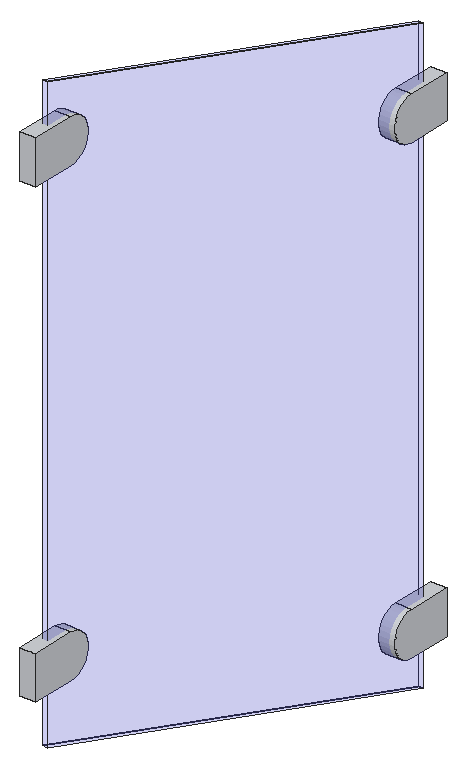
Revit family
Parameters (values of type "600mm w 25mm Gap")
  built-in parameter 1008623 [instance] = (empty or 0)
  Thickness [instance] = 6 mm
  built-in parameter 1008625 [instance] = 18.00°
  Post = no
  Panel Material = Glass
  Width [instance] = 600 mm
  Panel Gap = 25 mm
  Bracket Offset = 100 mm
  Bracket Material = none
  built-in parameter 1008624 [instance] = (empty or 0)
  built-in parameter 1008622 [instance] = 750 mm
Types (3, lengths in mm): name | Width
  (no name) | 600
  600mm w 25mm Gap | 600
  450mm w 25mm Gap | 450
Reference planes
  plane 1 "Center (Front/Back)": y = 0
  plane 2: z = 0
  plane 3 "Center (Left/Right)": x = 3.175
  plane 4 "Top": z = 750
  plane 5 "Slope Angle (Top)": through (0, 220.419, 678.381) normal (0, -0.309, -0.9511)
  plane 6 "Slope Angle (Bottom)": through (0, 0, 0) normal (0, -0.309, -0.9511)
  plane 7 "Front": y = 300
  plane 8 "Back": y = -300
  plane 9: x = 0.175
  plane 10: x = 6.175
  plane 11: x = -6.175
  plane 12: x = 12.525
Forms (mm)
  Extrusion 1, solid, material "Glass" <- "Panel Material"
    sketch origin (3.175, 0, 0) x (0, 1, 0) y (0, 0, 1)
      loop
        line (275, -63.066) -> (275, 634.361) -> (-275, 813.066) -> (-275, 115.639) -> (275, -63.066)
    from -3 to 3
  Extrusion 2, solid, material <- "Bracket Material"
    sketch origin (3.175, 0, 0) x (0, 1, 0) y (0, 0, 1)
      loop
        line (300, 33.07) -> (249.2, 33.07)
        arc (249.2, 33.07) -> (223.8, 7.67) -> (249.2, -17.73) r 25.4
        line (249.2, -17.73) -> (300, -17.73) -> (300, 33.07)
    from -9.35 to 9.35
  Extrusion 3, solid, material <- "Bracket Material"
    sketch origin (3.175, 0, 0) x (0, 1, 0) y (0, 0, 1)
      loop
        line (-300, 228.022) -> (-300, 177.222) -> (-249.2, 177.222)
        arc (-249.2, 177.222) -> (-223.8, 202.622) -> (-249.2, 228.022) r 25.4
        line (-249.2, 228.022) -> (-300, 228.022)
    from -9.35 to 9.35
  Extrusion 4, solid, material <- "Bracket Material"
    sketch origin (3.175, 0, 0) x (0, 1, 0) y (0, 0, 1)
      loop
        line (300, 572.778) -> (249.2, 572.778)
        arc (249.2, 572.778) -> (223.8, 547.378) -> (249.2, 521.978) r 25.4
        line (249.2, 521.978) -> (300, 521.978) -> (300, 572.778)
    from -9.35 to 9.35
  Extrusion 5, solid, material <- "Bracket Material"
    sketch origin (3.175, 0, 0) x (0, 1, 0) y (0, 0, 1)
      loop
        line (-300, 767.73) -> (-300, 716.93) -> (-249.2, 716.93)
        arc (-249.2, 716.93) -> (-223.8, 742.33) -> (-249.2, 767.73) r 25.4
        line (-249.2, 767.73) -> (-300, 767.73)
    from -9.35 to 9.35
Lines and regions (mm)
  model lines, style "InvisibleLines"
    curve 1: line (3.175, 300, 626.238) -> (3.175, -300, 821.189)
    curve 2: line (3.175, 300, -71.189) -> (3.175, -300, 123.762)
    curve 3: line (3.175, 275, -89.353) -> (3.175, 275, 660.647)
    curve 4: line (3.175, -275, 89.353) -> (3.175, -275, 839.353)
  symbolic lines, style "InvisibleLines"
    curve 5: line (0, 300, 7.67) -> (0, -300, 202.622)
    curve 6: line (0, 300, 547.378) -> (0, -300, 742.33)
Text (mm)
  text "Baluster Panel Elevation" at (0, 1279.138, 1234.25), in view "Left"
Dimensions and locks
  "built-in parameter 1008622": plane 2 to plane 4 "Top"
  "Width": plane 8 "Back" to plane 7 "Front"
  equal spacing: plane 8 "Back", plane 1 "Center (Front/Back)", plane 7 "Front"
  "Thickness": plane 9 to plane 10
  equal spacing: plane 9, plane 3 "Center (Left/Right)", plane 10
  "Panel Gap": curve 1 to plane 5 "Slope Angle (Top)"  (x2)
  "Panel Gap": plane 6 "Slope Angle (Bottom)" to curve 2  (x2)
  "Panel Gap": plane 7 "Front" to curve 3  (x2)
  "Panel Gap": curve 4 to plane 8 "Back"  (x2)
  "Bracket Offset": plane 6 "Slope Angle (Bottom)" to curve 5  (x2)
  locked: curve 5 to Extrusion 2 sketch curve at 25.4
  locked: Extrusion 2 sketch curve to curve 5 at 25.4
  locked: plane 11 to plane 9 at 6.35
  locked: plane 10 to plane 12 at 6.35
  locked: Extrusion 3 sketch curve to curve 5 at 25.4
  locked: curve 5 to Extrusion 3 sketch curve at 25.4
  "Bracket Offset": curve 6 to plane 5 "Slope Angle (Top)"  (x2)
  locked: curve 6 to Extrusion 4 sketch curve at 25.4
  locked: Extrusion 4 sketch curve to curve 6 at 25.4
  locked: Extrusion 5 sketch curve to curve 6 at 25.4
  locked: curve 6 to Extrusion 5 sketch curve at 25.4
  "built-in parameter 1008625": angle plane 4 "Top" to plane 5 "Slope Angle (Top)"
  "built-in parameter 1008625": angle level to plane 6 "Slope Angle (Bottom)"
  aligned and locked: plane 9 to Extrusion 1
  aligned and locked: Extrusion 1 to plane 10
  aligned and locked: plane 8 "Back" to curve 2
  aligned and locked: plane 7 "Front" to curve 2
  aligned and locked: plane 5 "Slope Angle (Top)" to curve 4
  aligned and locked: plane 6 "Slope Angle (Bottom)" to curve 4
  aligned and locked: plane 5 "Slope Angle (Top)" to curve 3
  aligned and locked: plane 6 "Slope Angle (Bottom)" to curve 3
  aligned and locked: curve 1 to Extrusion 1 sketch curve
  aligned and locked: Extrusion 1 sketch curve to curve 2
  aligned and locked: Extrusion 1 sketch curve to curve 4
  aligned and locked: curve 3 to Extrusion 1 sketch curve
  aligned and locked: plane 8 "Back" to curve 5
  aligned and locked: plane 7 "Front" to Extrusion 2 sketch curve
  aligned and locked: plane 11 to Extrusion 2
  aligned and locked: Extrusion 2 to plane 12
  aligned and locked: Extrusion 3 to plane 12
  aligned and locked: plane 11 to Extrusion 3
  aligned and locked: plane 8 "Back" to curve 6
  aligned and locked: plane 7 "Front" to curve 6
  aligned and locked: Extrusion 4 sketch curve to plane 7 "Front"
  aligned and locked: plane 11 to Extrusion 5
  aligned and locked: Extrusion 5 to plane 12
  aligned and locked: plane 11 to Extrusion 4
  aligned and locked: Extrusion 4 to plane 12
Automatic sketch dimensions
  plane 7 "Front" to Extrusion 2 sketch curve = 50.8 mm
  Extrusion 3 sketch curve to plane 8 "Back" = 0 mm
  Extrusion 3 sketch curve to Extrusion 3 sketch curve = 50.8 mm
  curve 5 to plane 7 "Front" = 0 mm
  curve 1 to plane 7 "Front" = 0 mm
  curve 1 to plane 8 "Back" = 0 mm
  plane 7 "Front" to Extrusion 4 sketch curve = 50.8 mm
  Extrusion 5 sketch curve to plane 8 "Back" = 0 mm
  Extrusion 5 sketch curve to Extrusion 5 sketch curve = 50.8 mm
